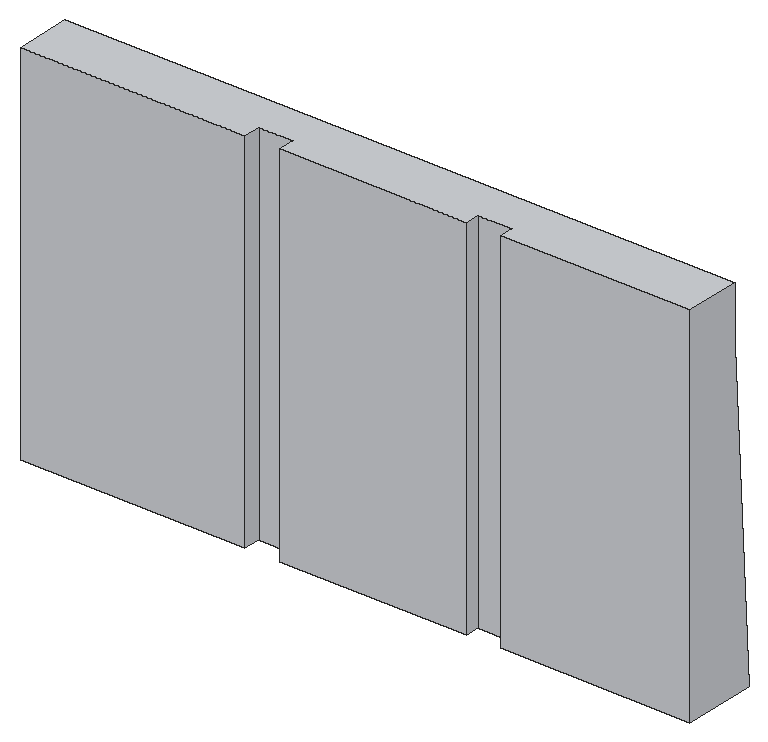
Revit family "闸墩 - 边墩", category 结构柱, Revit 2019
Family settings
  横断面形状 = 未定义
  用于模型行为的材质 = 其他
  始终导出为几何图形 = 否
  平面中的梁缩进 = 从边界框
  OmniClass 编号 = 23.25.30.11.14.11
  OmniClass 标题 = Columns
  加载时剪切的空心 = 否
  符号表示法 = 从族
  共享 = 否
  在平面视图中显示族的预剪切 = 是
Parameters (values of type "边墩 - C25")
  高 [instance] = 6620 mm
  边墩顶宽 = 1000 mm
  槽2深 = 250 mm
  槽2宽 = 600 mm
  槽2位置 = 8000 mm
  槽1深 = 300 mm
  槽1宽 = 620 mm
  槽1位置 = 4030 mm
  斜墙高 = 5620 mm
  边墩底宽 = 1300 mm
  边墩长度 = 12000 mm
  型号 = "LOCK_CHAMBER_PIER_SIDE"
Reference planes
  plane 1 "中心(前/后)": y = 0
  plane 2: z = 0
  plane 3 "中心(左/右)": x = 0
  plane 4 "左": x = -6000
  plane 5 "右": x = 6000
  plane 6 "后": y = 650
  plane 7 "前": y = -650
  plane 8: z = 5620
  plane 9: y = 350
  plane 10: x = -1970
  plane 11: x = 2000
  plane 12: x = -1350
  plane 13: x = 2600
  plane 14: y = -350
  plane 15: y = -400
Forms (mm)
  Extrusion 1, solid
    sketch origin (-6000, 0, 0) x (0, -1, 0) y (0, 0, 1)
      loop
        line (-650, 0) -> (650, 0) -> (650, 6620) -> (-350, 6620) -> (-350, 5620) -> (-650, 0)
    from -12000 to 0
  Extrusion 2, void
    sketch origin (0, 0, 0) x (1, 0, 0) y (0, 1, 0)
      loop
        line (-1970, -350) -> (-1970, -650) -> (-1350, -650) -> (-1350, -350) -> (-1970, -350)
      loop
        line (2000, -400) -> (2000, -650) -> (2600, -650) -> (2600, -400) -> (2000, -400)
    from 0 to 6620
Cuts and joins
  Extrusion 2 cuts Extrusion 1
Dimensions and locks
  "边墩长度": plane 4 "左" to plane 5 "右"
  "边墩底宽": plane 7 "前" to plane 6 "后"
  equal spacing: plane 4 "左", plane 3 "中心(左/右)", plane 5 "右"
  equal spacing: plane 7 "前", plane 1 "中心(前/后)", plane 6 "后"
  plane 8 to level = 5620 mm
  "边墩顶宽": plane 7 "前" to plane 9
  "斜墙高": plane 8 to level
  "槽1位置": plane 4 "左" to plane 10
  "槽2位置": plane 4 "左" to plane 11
  "槽1宽": plane 10 to plane 12
  "槽2宽": plane 11 to plane 13
  "槽1深": plane 7 "前" to plane 14
  "槽2深": plane 7 "前" to plane 15
  "高": level to level
  aligned and locked: level to plane 2
  aligned and locked: Extrusion 1 to plane 6 "后"
  aligned and locked: plane 7 "前" to Extrusion 1
  aligned and locked: Extrusion 1 to plane 5 "右"
  aligned and locked: plane 4 "左" to Extrusion 1
  aligned and locked: Extrusion 1 to level
  aligned and locked: level to Extrusion 1
  aligned and locked: plane 9 to Extrusion 1
  aligned and locked: Extrusion 2 sketch curve to plane 14
  aligned and locked: plane 10 to Extrusion 2 sketch curve
  aligned and locked: Extrusion 2 sketch curve to plane 7 "前"  (x2)
  aligned and locked: Extrusion 2 sketch curve to plane 12
  aligned and locked: Extrusion 2 sketch curve to plane 15
  aligned and locked: plane 11 to Extrusion 2 sketch curve
  aligned and locked: Extrusion 2 sketch curve to plane 13
  aligned and locked: level to cut or joined group of Extrusion 1, Extrusion 2
Automatic sketch dimensions
  Extrusion 1 sketch curve to level = 0 mm
  Extrusion 1 sketch curve to plane 6 "后" = 0 mm
  level to Extrusion 1 sketch curve = 0 mm
  Extrusion 1 sketch curve to plane 9 = 0 mm
  Extrusion 1 sketch curve to plane 7 "前" = 0 mm
  Extrusion 1 sketch curve to plane 8 = 0 mm
